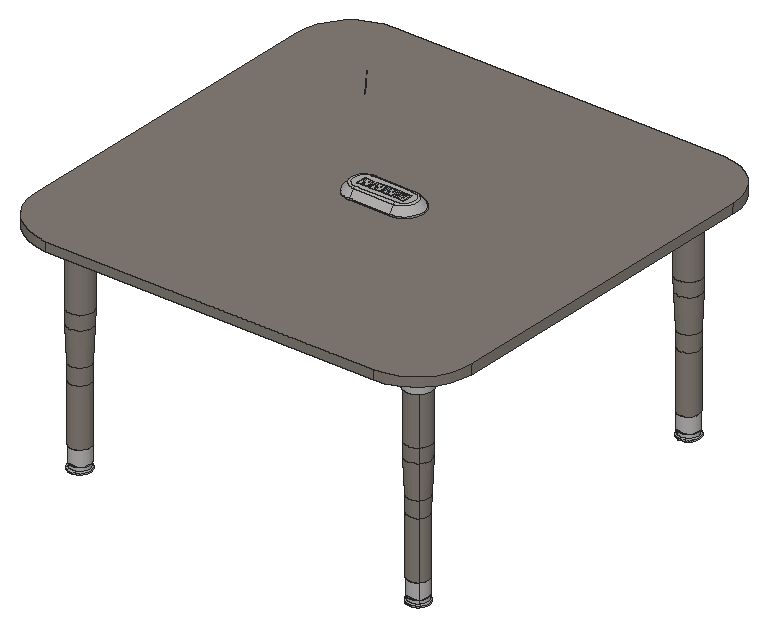
Revit family "Table-Teknion-Zones_ZNTWB-R2015", category Furniture, Revit 2015
Parameters (values of type "Table 48", with Power Pill")
  Width = 48"
  Warranty = "http://www.teknion.com/ca/papers/legal-canada"
  Voltage = if(and(not(With Center Light), not(With Power Pill)), 0 V, 120 V)  # 120 V
  URL = "http://www.teknion.com"
  Table Top Finish [instance] = Veneer - Teknion - BR - Greystone Beech
  Table Leg Wood Finish [instance] = Veneer - Teknion - BR - Greystone Beech
  Table Lamp Finish [instance] = Seamless Paint - Teknion - 25 - Crisp Grey
  Table Frame Finish [instance] = Seamless Paint - Teknion - 25 - Crisp Grey
  Sustainability Data = "http://www.teknion.com/ca/tools/assets#&asset=444deb64-fe58-4b68-981e-f75e97781df7,b4ff2d81-9f2e-437d-9659-7cffb09c31cf"
  Series = "Zones"
  Product Page URL = "http://www.teknion.com/products/product-details?productLineId=b28c7a6e-8e7a-673b-a6c8-ff64004460c4"
  Product Line = "Zones"
  Product Documentation Link = "http://www.teknion.com/pricing/Zones/pdfs/ZNTWB_ppg.pdf"
  Power Pill Two Power Two USB Modules = no
  Power Pill Finish [instance] = Seamless Paint - Teknion - 25 - Crisp Grey
  Manufacturer Contact Information = "http://www.teknion.com/ca/contactus"
  Leg Width = 37 3/32"
  Leg Depth = 37 3/32"
  With Center Light = no
  Part Number = "ZNTWB"
  Model = "ZNTWB48P"
  Manufacturer Phone = "416-661-3370"
  Manufacturer Fax = "416.661.4586"
  Manufacturer Address = "1150 Flint Road, Toronto, ON. M3J 2J5. Canada"
  Manufacturer = "Teknion"
  With Power Pill = yes
  Height = 25"
  Description = "Square Dialogue Workshop Table, 48\"d, With Center Pill Cut-Out"
  Depth = 48"
  Connector Description = if(and(not(With Center Light), not(With Power Pill)), "Without Power Connector", "Power Connector")  # "Power Connector"
  Cable Manager Visibility [instance] = and(or(With Power Pill, or(With Center Light)), or(Cable Manager))  # no
  Cable Manager [instance] = no
  Assembly Code = "E2020200"
  Apparent Load = if(With Center Light, 21 VA, 0 VA)  # 0 VA
Reference planes (in)
  plane 1 "Center (Front/Back)": y = 0
  plane 2 "Bottom": z = 0
  plane 3 "Center (Left/Right)": x = 0
  plane 4 "Lef": x = -18.54687
  plane 5 "Ri": x = 18.54688
  plane 6 "Ba": y = 18.54687
  plane 7 "Fro": y = -18.54688
  plane 8 "Top": z = 25
  plane 9 "Frame": z = 24
  plane 10 "Back": y = 24
  plane 11 "Front": y = -24
  plane 12 "Left": x = -24
  plane 13 "Right": x = 24
  plane 14 "Lamp": y = 45
Forms (in)
  Sweep 1, solid, material "Veneer - Teknion - BR - Greystone Beech" <- "Table Top Finish"
    path origin (0, 0, -4) x (1, 0, 0) y (0, 0, 1)
      loop
        line (0, 28) -> (0, 29)
    profile origin (0, 0, 24.5) x (-1, 0, 0) y (0, -1, 0)
      loop
        line (-18, -24) -> (18, -24)
        arc (18, -24) -> (22.24264, -22.24264) -> (24, -18) r 6
        line (24, -18) -> (24, 18)
        arc (24, 18) -> (22.24264, 22.24264) -> (18, 24) r 6
        line (18, 24) -> (-18, 24)
        arc (-18, 24) -> (-22.24264, 22.24264) -> (-24, 18) r 6
        line (-24, 18) -> (-24, -18)
        arc (-24, -18) -> (-22.24264, -22.24264) -> (-18, -24) r 6
Lines and regions (in)
  Masking region 1
    outline origin (0, 0, 25) x (-1, 0, 0) y (0, -1, 0)
      loop
        line (24, -18) -> (24, 18)
        arc (24, 18) -> (22.24264, 22.24264) -> (18, 24) r 6
        line (18, 24) -> (-18, 24)
        arc (-18, 24) -> (-22.24264, 22.24264) -> (-24, 18) r 6
        line (-24, 18) -> (-24, -18)
        arc (-24, -18) -> (-22.24264, -22.24264) -> (-18, -24) r 6
        line (-18, -24) -> (18, -24)
        arc (18, -24) -> (22.24264, -22.24264) -> (24, -18) r 6
Dimensions and locks (in)
  "Height": plane 8 "Top" to plane 2 "Bottom"
  "Width": plane 12 "Left" to plane 13 "Right"
  "Depth": plane 10 "Back" to plane 11 "Front"
  equal spacing: plane 12 "Left", plane 3 "Center (Left/Right)", plane 13 "Right"
  equal spacing: plane 10 "Back", plane 1 "Center (Front/Back)", plane 11 "Front"
  Sweep 1 to plane 2 "Bottom" = 24"
  locked: plane 14 "Lamp" to plane 1 "Center (Front/Back)" at 45
  equal spacing: plane 4 "Lef", plane 3 "Center (Left/Right)", plane 5 "Ri"
  equal spacing: plane 6 "Ba", plane 1 "Center (Front/Back)", plane 7 "Fro"
  "Leg Width": plane 4 "Lef" to plane 5 "Ri"
  "Leg Depth": plane 6 "Ba" to plane 7 "Fro"
  radius of Sweep 1 sketch curve = 6"  (x4)
  aligned and locked: level to plane 2 "Bottom"
  aligned and locked: plane 3 "Center (Left/Right)" to Sweep 1 sketch curve
  aligned and locked: plane 8 "Top" to Sweep 1 sketch curve
  aligned and locked: plane 9 "Frame" to Sweep 1 sketch curve
  aligned and locked: plane 10 "Back" to Sweep 1 sketch curve
  aligned and locked: plane 13 "Right" to Sweep 1 sketch curve
  aligned and locked: Sweep 1 sketch curve to plane 11 "Front"
  aligned and locked: Sweep 1 sketch curve to plane 12 "Left"
  aligned and locked: plane 8 "Top" to nested 1
  aligned and locked: plane 3 "Center (Left/Right)" to nested 1
  aligned and locked: plane 1 "Center (Front/Back)" to nested 1
  aligned and locked: plane 1 "Center (Front/Back)" to nested 2
  aligned and locked: plane 3 "Center (Left/Right)" to nested 2
  aligned and locked: plane 1 "Center (Front/Back)" to nested 3
  aligned and locked: plane 3 "Center (Left/Right)" to nested 3
  aligned and locked: plane 2 "Bottom" to nested 3
  aligned and locked: plane 3 "Center (Left/Right)" to nested 4
  aligned and locked: plane 1 "Center (Front/Back)" to nested 4
  aligned and locked: plane 9 "Frame" to nested 4
  aligned and locked: plane 9 "Frame" to nested 3
  aligned and locked: Masking region 1 sketch curve to plane 13 "Right"
  aligned and locked: Masking region 1 sketch curve to plane 10 "Back"
  aligned and locked: Masking region 1 sketch curve to plane 11 "Front"
  aligned and locked: Masking region 1 sketch curve to plane 12 "Left"
  aligned and locked: nested 2 to plane 8 "Top"
Automatic sketch dimensions
  Masking region 1 sketch curve to plane 5 "Ri" = 35/64"  (x2)
  plane 4 "Lef" to Masking region 1 sketch curve = 35/64"  (x2)
Nested families (in)
  nested 1: "Lighting_Fixture-Table_Lamp-Teknion-Zones_ZNETL-R2013" at (0, 0, 23.875), visible <- "With Center Light", Table Lamp Finish <- "Table Lamp Finish", type "Table Lamp"
    with Through-Mount no, Table Runner Offset 1 1/8", Table Runner yes, Table Lamp Finish Seamless Paint - Teknion - 25 - Crisp Grey, Item Code "ZNETL1"
  nested 2: "Accessory-Power_Pill-Teknion-Zones_ZNEP_Four_Modules-R2013" at (0, 0, 25), visible <- "With Power Pill", Power Pill Finish <- "Power Pill Finish", LA Modules <- "Power Pill Two Power Two USB Modules", type "4 Modules Power Pill"
    with Power Pill Finish Seamless Paint - Teknion - 25 - Crisp Grey, Outlet Offset 0", LB Modules yes, LA Modules no, Item Code "ZNEPLB120"
  nested 3: "Table-Cable_Manager-Teknion-Zones_ZNEC-R2013" at (0, 0, 0), visible <- "Cable Manager Visibility", type "Cable Manager"
    with Square or Round Workshop yes, Rectangular Workshop no, Item Code "ZNECTS", Height 24"
  nested 4: "Support-Frame-Teknion-Zones_ZNTW-R2015" at (0, 0, 0), Leg Wood Finish <- "Table Leg Wood Finish", Table Frame Finish <- "Table Frame Finish", type "Frame 48""
    with Table Frame Finish Seamless Paint - Teknion - 25 - Crisp Grey
Connectors (in)
  electrical at (0, 0, 0), driven by "Voltage", driven by "Apparent Load", driven by "Connector Description"
    settings: on nested 3, index 1, voltage 120 V, apparent load 0 VA, apparent load phase1 0 VA, apparent load phase2 0 VA, apparent load phase3 0 VA, power factor 1, load classification "Other", number of poles 1, system type 30, power factor state 1, is connector primary yes, connector utility no, sub classification motor no, connector description "Power Connector"
Definition of nested family "Lighting_Fixture-Table_Lamp-Teknion-Zones_ZNETL-R2013"
  Parameters (values of type "Table Lamp")
    Width = 9.63"
    Wattage = 12 W
    Warranty = "http://www.teknion.com/ca/papers/legal-canada"
    built-in parameter 1150110 = 1 (stored number, unit not read)
    URL = "http://www.teknion.com"
    built-in parameter 1114217 = 1 (stored number, unit not read)
    Tilt Angle = 90.00°
    Through-Mount [instance] = not(Table Runner)  # no
    built-in parameter 1150109 = 1 (stored number, unit not read)
    built-in parameter 1150134 = (empty or 0)
    Table Runner Offset [instance] = if(Table Runner, 1 1/8", 0")  # 1 1/8"
    Table Runner [instance] = yes
    Table Lamp Finish [instance] = none
    Sustainability Data = "http://www.teknion.com/ca/tools/assets#&asset=444deb64-fe58-4b68-981e-f75e97781df7,b4ff2d81-9f2e-437d-9659-7cffb09c31cf"
    built-in parameter 1150113 = 1 (stored number, unit not read)
    built-in parameter 1010507 = 1.0472 (stored number, unit not read)
    built-in parameter 1010506 = 0.7854 (stored number, unit not read)
    Series = "Zones"
    Product Page URL = "http://www.teknion.com/products/product-details?productLineId=b28c7a6e-8e7a-673b-a6c8-ff64004460c4"
    Product Line = "Zones"
    Product Documentation Link = "http://www.teknion.com/pricing/Zones/pdfs/ZNETL_ppg.pdf"
    Part Number = "ZNETL"
    Model = "See Item Code"
    Manufacturer Phone = "416-661-3370"
    Manufacturer Fax = "416.661.4586"
    Manufacturer Contact Information = "http://www.teknion.com/ca/contactus"
    Manufacturer Address = "1150 Flint Road, Toronto, ON. M3J 2J5. Canada"
    Manufacturer = "Teknion"  # constant formula
    built-in parameter 1150105 = 1203.7 (stored number, unit not read)
    Lumens = 360 lm
    built-in parameter 1150115 = 1 (stored number, unit not read)
    Light Source Symbol Length = 10"
    built-in parameter 1150137 = (empty or 0)
    built-in parameter 1150139 = (empty or 0)
    built-in parameter 1150112 = 1 (stored number, unit not read)
    built-in parameter 1150114 = 1 (stored number, unit not read)
    Item Code [instance] = if(Table Runner, "ZNETL1", "ZNETL2")  # "ZNETL1"
    built-in parameter 1150132 = (empty or 0)
    built-in parameter 1150102 = (empty or 0)
    built-in parameter 1150107 = 2700 (stored number, unit not read)
    built-in parameter 1150138 = (empty or 0)
    built-in parameter 1150106 = 12.037 (stored number, unit not read)
    Height = 15.334"
    Emit from Circle Diameter = 9"
    Emit Shape Visible in Rendering = no
    built-in parameter 1150104 = 2.7871 (stored number, unit not read)
    Dimming Lamp Color Temperature Shift = (empty or 0)
    Description = "Table Lamp"
    Depth = 9.63"
    Color Filter = 16777215
    built-in parameter 1114218 = 1 (stored number, unit not read)
    built-in parameter 1150133 = 10 (stored number, unit not read)
    Assembly Code = "E2020200"
    Apparent Load = 21 VA
  Reference planes (in)
    plane 1 "Center F/B": y = 0
    plane 2: z = 0
    plane 3 "Center L/R": x = 0
    plane 4 "Left": x = -4.815
    plane 5 "Right": x = 4.815
    plane 6 "Back": y = 4.815
    plane 7 "Front": y = -4.815
    plane 8 "Top": z = 16.459
    plane 9 "Front Legs": z = 1.125
  Forms (in)
    Revolve 1, solid, material <- "Table Lamp Finish"
      sketch origin (0, 0, 0) x (1, 0, 0) y (0, 0, 1)
        loop
          line (4.5, 12.4295) -> (4.5, 12.6898) -> (4.75332, 11.91017) -> (4.81433, 11.93) -> (3.51789, 15.92003)
          arc (3.51789, 15.92003) -> (3.23454, 16.31003) -> (2.77606, 16.459) r 0.78
          line (2.77606, 16.459) -> (0, 16.459) -> (0, 1.125) -> (0.50006, 1.125) -> (0.50006, 1.6251)
          arc (0.50006, 1.6251) -> (0.47302, 1.92993) -> (0.39274, 2.22524) r 1.73169
          arc (0.39274, 2.22524) -> (0.28592, 2.61818) -> (0.24994, 3.02377) r 2.30411
          line (0.24994, 3.02377) -> (0.24994, 12.25) -> (0.19505, 12.25) -> (0.19505, 12.4295) -> (4.5, 12.4295)
        axis (0, 16.459) -> (0, 1.125)
      angle from 0 to 360
  Lines and regions (in)
    Masking region 1
      outline origin (0, 0, 0) x (1, 0, 0) y (0, 1, 0)
        loop
          circle (0, 0) r 4.81433
    symbolic lines
      curve 1: circle (0, 0, 0) r 2.75 normal (0, 0, 1)
    symbolic lines, detail levels fine
      curve 2: circle (0, 0, 0) r 3.52104 normal (0, 0, 1)
      curve 3: circle (0, 0, 0) r 4.5 normal (0, 0, 1)
      curve 4: circle (0, 0, 0) r 4.75332 normal (0, 0, 1)
      curve 5: circle (0, 0, 0) r 0.50006 normal (0, 0, 1)
      curve 6: circle (0, 0, 0) r 0.24994 normal (0, 0, 1)
  Dimensions and locks (in)
    "Height": plane 8 "Top" to plane 9 "Front Legs"
    equal spacing: plane 4 "Left", plane 3 "Center L/R", plane 5 "Right"
    "Width": plane 4 "Left" to plane 5 "Right"
    equal spacing: plane 6 "Back", plane 1 "Center F/B", plane 7 "Front"
    "Depth": plane 6 "Back" to plane 7 "Front"
    "Table Runner Offset": plane 9 "Front Legs" to plane 2
    plane 8 "Top" to Revolve 1 sketch curve to Revolve 1 sketch curve to Revolve 1 sketch curve to Revolve 1 sketch curve to Revolve 1 sketch curve to Revolve 1 sketch curve = 0.78" locked, 2.9892" locked, 0.2603" locked, 0.1795" locked, 0.32" locked, 0.01982" locked
    Revolve 1 sketch curve to Revolve 1 sketch curve to plane 9 "Front Legs" = 1.39868" locked, 0.5001" locked
    Revolve 1 sketch curve to Revolve 1 sketch curve to Revolve 1 sketch curve to Revolve 1 sketch curve to Revolve 1 sketch curve to Revolve 1 sketch curve to Revolve 1 sketch curve to Revolve 1 sketch curve to plane 3 "Center L/R" to Revolve 1 sketch curve = 0.06101" locked, 0.25332" locked, 1.72394" locked, 0.22201" locked, 2.05399" locked, 0.25012" locked, 0.05489" locked, 0.19505" locked, 1.23163" locked
    locked: plane 8 "Top" to imposter light at 4.0295
    radius of Masking region 1 sketch curve = 4.81433"
    radius of curve 1 = 2 3/4"
    radius of curve 2 = 3.52104"
    radius of curve 4 = 4.75332"
    radius of curve 3 = 4 1/2"
    radius of curve 5 = 0.50006"
    radius of curve 6 = 0.24994"
    aligned and locked: level to plane 2
    aligned and locked: plane 9 "Front Legs" to Revolve 1 sketch curve
    aligned and locked: Revolve 1 sketch curve to plane 8 "Top"
    aligned and locked: plane 3 "Center L/R" to Revolve 1 sketch curve
    aligned and locked: Revolve 1 sketch curve to plane 3 "Center L/R"
    aligned and locked: plane 3 "Center L/R" to Masking region 1 sketch curve
    aligned and locked: plane 1 "Center F/B" to Masking region 1 sketch curve
    aligned and locked: plane 3 "Center L/R" to curve 1
    aligned and locked: plane 1 "Center F/B" to curve 1
    aligned and locked: plane 3 "Center L/R" to curve 2
    aligned and locked: plane 1 "Center F/B" to curve 2
    aligned and locked: plane 1 "Center F/B" to curve 4
    aligned and locked: plane 3 "Center L/R" to curve 4
    aligned and locked: plane 1 "Center F/B" to curve 3
    aligned and locked: plane 3 "Center L/R" to curve 3
    aligned and locked: plane 1 "Center F/B" to curve 6
    aligned and locked: plane 3 "Center L/R" to curve 6
    aligned and locked: plane 1 "Center F/B" to curve 5
    aligned and locked: plane 3 "Center L/R" to curve 5
  Automatic sketch dimensions
    Revolve 1 sketch curve to plane 8 "Top" = 0.53897"
    Revolve 1 sketch curve to level = 16.65636"
    Revolve 1 sketch curve to Revolve 1 sketch curve = 33.72995"
Definition of nested family "Accessory-Power_Pill-Teknion-Zones_ZNEP_Four_Modules-R2013"
  Parameters (values of type "4 Modules Power Pill")
    Width = 8.53"
    Warranty = "http://www.teknion.com/ca/papers/legal-canada"
    URL = "http://www.teknion.com"
    Sustainability Data = "http://www.teknion.com/ca/tools/assets#&asset=444deb64-fe58-4b68-981e-f75e97781df7,b4ff2d81-9f2e-437d-9659-7cffb09c31cf"
    Series = "Zones"
    Product Page URL = "http://www.teknion.com/products/product-details?productLineId=b28c7a6e-8e7a-673b-a6c8-ff64004460c4"
    Product Line = "Zones"
    Product Documentation Link = "http://www.teknion.com/pricing/Zones/pdfs/ZNEP_ppg.pdf"
    Power Pill Finish [instance] = none
    Part Number = "ZNEP"
    Outlet Offset [instance] = if(LA Modules, 1.076", 0")  # 1.076"
    Model = "See Item Code"
    Manufacturer Phone = "416-661-3370"
    Manufacturer Fax = "416.661.4586"
    Manufacturer Contact Information = "http://www.teknion.com/ca/contactus"
    Manufacturer Address = "1150 Flint Road, Toronto, ON. M3J 2J5. Canada"
    Manufacturer = "Teknion"  # constant formula
    LB Modules [instance] = not(LA Modules)  # no
    LA Modules [instance] = yes
    Item Code [instance] = if(LA Modules, "ZNEPLA120", "ZNEPLB120")  # "ZNEPLA120"
    Height = 2.302"
    Description = "Power Pill, Four Modules, 120in Length Of Cord"
    Depth = 4.13"
    Cap Height = 0.92703"
    Auxiliary Width = Width - Depth  # 4.4"
    Assembly Code = "E2020200"
  Reference planes (in)
    plane 1 "Center F/B": y = 0
    plane 2: z = 0
    plane 3 "Center L/R": x = 0
    plane 4 "Left": x = -4.265
    plane 5 "Right": x = 4.265
    plane 6 "Back": y = 2.065
    plane 7 "Front": y = -2.065
    plane 8 "Top": z = 0.92703
    plane 9 "Bottom": z = -1.37497
    plane 10: x = -2.2
    plane 11: x = 2.2
    plane 12: y = 1.076
  Forms (in)
    Sweep 1, solid, material <- "Power Pill Finish"
      path origin (0, 0, 0) x (1, 0, 0) y (0, 0, 1)
        loop
          line (0, 0.92703) -> (0, 0)
      profile origin (0, 0, 0.46351) x (0, -1, 0) y (1, 0, 0)
        loop
          arc (-1.18092, -2.2) -> (0, -3.38092) -> (1.18092, -2.2) r 1.18092
          line (1.18092, -2.2) -> (1.18092, 2.2)
          arc (1.18092, 2.2) -> (0, 3.38092) -> (-1.18092, 2.2) r 1.18092
          line (-1.18092, 2.2) -> (-1.18092, -2.2)
    Sweep 2, solid, material <- "Power Pill Finish"
      path origin (0, 0, 0) x (1, 0, 0) y (0, 1, 0)
        loop
          line (2.2, 1.18092) -> (-2.2, 1.18092)
          arc (-2.2, 1.18092) -> (-3.38092, 0) -> (-2.2, -1.18092) r 1.18092
          line (-2.2, -1.18092) -> (2.2, -1.18092)
          arc (2.2, -1.18092) -> (3.38092, 0) -> (2.2, 1.18092) r 1.18092
      profile origin (0, 1.18092, 0) x (0, -1, 0) y (0, 0, 1)
        loop
          arc (-0.86961, 0.06433) -> (-0.8751, 0.02261) -> (-0.83962, 0) r 0.03916
          line (-0.83962, 0) -> (0, 0) -> (0, 0.92703)
          arc (0, 0.92703) -> (-0.13207, 0.89775) -> (-0.23939, 0.8154) r 0.3125
          line (-0.23939, 0.8154) -> (-0.86961, 0.06433)
    Sweep 3, void
      path origin (0, 0, 0) x (1, 0, 0) y (0, 0, 1)
        loop
          line (0, 0.92703) -> (0, 0.73803)
      profile origin (0, 0, 0.83253) x (0, -1, 0) y (1, 0, 0)
        loop
          arc (-0.55849, -2.55849) -> (-0.55117, -2.57617) -> (-0.53349, -2.58349) r 0.025
          line (-0.53349, -2.58349) -> (0.53349, -2.58349)
          arc (0.53349, -2.58349) -> (0.55117, -2.57617) -> (0.55849, -2.55849) r 0.025
          line (0.55849, -2.55849) -> (0.55849, -1.49151)
          arc (0.55849, -1.49151) -> (0.55117, -1.47383) -> (0.53349, -1.46651) r 0.025
          line (0.53349, -1.46651) -> (-0.53349, -1.46651)
          arc (-0.53349, -1.46651) -> (-0.55117, -1.47383) -> (-0.55849, -1.49151) r 0.025
          line (-0.55849, -1.49151) -> (-0.55849, -2.55849)
        loop
          arc (-0.55849, -1.20849) -> (-0.55117, -1.22617) -> (-0.53349, -1.23349) r 0.025
          line (-0.53349, -1.23349) -> (0.53349, -1.23349)
          arc (0.53349, -1.23349) -> (0.55117, -1.22617) -> (0.55849, -1.20849) r 0.025
          line (0.55849, -1.20849) -> (0.55849, -0.14151)
          arc (0.55849, -0.14151) -> (0.55117, -0.12383) -> (0.53349, -0.11651) r 0.025
          line (0.53349, -0.11651) -> (-0.53349, -0.11651)
          arc (-0.53349, -0.11651) -> (-0.55117, -0.12383) -> (-0.55849, -0.14151) r 0.025
          line (-0.55849, -0.14151) -> (-0.55849, -1.20849)
        loop
          arc (-0.55849, 0.14151) -> (-0.55117, 0.12383) -> (-0.53349, 0.11651) r 0.025
          line (-0.53349, 0.11651) -> (0.53349, 0.11651)
          arc (0.53349, 0.11651) -> (0.55117, 0.12383) -> (0.55849, 0.14151) r 0.025
          line (0.55849, 0.14151) -> (0.55849, 1.20849)
          arc (0.55849, 1.20849) -> (0.55117, 1.22617) -> (0.53349, 1.23349) r 0.025
          line (0.53349, 1.23349) -> (-0.53349, 1.23349)
          arc (-0.53349, 1.23349) -> (-0.55117, 1.22617) -> (-0.55849, 1.20849) r 0.025
          line (-0.55849, 1.20849) -> (-0.55849, 0.14151)
        loop
          arc (-0.55849, 1.49151) -> (-0.55117, 1.47383) -> (-0.53349, 1.46651) r 0.025
          line (-0.53349, 1.46651) -> (0.53349, 1.46651)
          arc (0.53349, 1.46651) -> (0.55117, 1.47383) -> (0.55849, 1.49151) r 0.025
          line (0.55849, 1.49151) -> (0.55849, 2.55849)
          arc (0.55849, 2.55849) -> (0.55117, 2.57617) -> (0.53349, 2.58349) r 0.025
          line (0.53349, 2.58349) -> (-0.53349, 2.58349)
          arc (-0.53349, 2.58349) -> (-0.55117, 2.57617) -> (-0.55849, 2.55849) r 0.025
          line (-0.55849, 2.55849) -> (-0.55849, 1.49151)
    Blend 4, solid, material <- "Power Pill Finish"
      base sketch origin (0, 0, 0) x (1, 0, 0) y (0, 1, 0)
        loop
          arc (-2.57873, 1.39373) -> (-2.79086, 1.30586) -> (-2.87873, 1.09373) r 0.3
          line (-2.87873, 1.09373) -> (-2.87873, -1.09373)
          arc (-2.87873, -1.09373) -> (-2.79086, -1.30586) -> (-2.57873, -1.39373) r 0.3
          line (-2.57873, -1.39373) -> (2.57873, -1.39373)
          arc (2.57873, -1.39373) -> (2.79086, -1.30586) -> (2.87873, -1.09373) r 0.3
          line (2.87873, -1.09373) -> (2.87873, 1.09373)
          arc (2.87873, 1.09373) -> (2.79086, 1.30586) -> (2.57873, 1.39373) r 0.3
          line (2.57873, 1.39373) -> (-2.57873, 1.39373)
      top sketch origin (0, 0, 0) x (1, 0, 0) y (0, 1, 0)
        loop
          arc (2.94673, 1.09373) -> (2.83895, 1.35395) -> (2.57873, 1.46173) r 0.368
          line (2.57873, 1.46173) -> (-2.57873, 1.46173)
          arc (-2.57873, 1.46173) -> (-2.83895, 1.35395) -> (-2.94673, 1.09373) r 0.368
          line (-2.94673, 1.09373) -> (-2.94673, -1.09373)
          arc (-2.94673, -1.09373) -> (-2.83895, -1.35395) -> (-2.57873, -1.46173) r 0.368
          line (-2.57873, -1.46173) -> (2.57873, -1.46173)
          arc (2.57873, -1.46173) -> (2.83895, -1.35395) -> (2.94673, -1.09373) r 0.368
          line (2.94673, -1.09373) -> (2.94673, 1.09373)
      from -1.37497 to 0.61534
    Sweep 5, void
      path origin (0, 0, 0) x (0, 1, 0) y (0, 0, 1)
        loop
          line (0, -1.12497) -> (0, -1.37497)
      profile origin (0, 0, -1.24997) x (1, 0, 0) y (0, 1, 0)
        loop
          arc (-0.33, -0.17812) -> (0, -0.375) -> (0.33, -0.17812) r 0.375
          line (0.33, -0.17812) -> (0.33, 0.17812)
          arc (0.33, 0.17812) -> (0, 0.375) -> (-0.33, 0.17812) r 0.375
          line (-0.33, 0.17812) -> (-0.33, -0.17812)
    Sweep 6, solid, material <- "Power Pill Finish"
      path origin (0, 0, 0) x (1, 0, 0) y (0, 0, 1)
        loop
          line (0, 0.92703) -> (0, 0.73803)
      profile origin (0, 0, 0.83253) x (0, -1, 0) y (1, 0, 0)
        loop
          line (-0.525, -1.5398) -> (-0.525, -2.5102)
          arc (-0.525, -2.5102) -> (-0.51328, -2.53848) -> (-0.485, -2.5502) r 0.04
          line (-0.485, -2.5502) -> (0.485, -2.5502)
          arc (0.485, -2.5502) -> (0.51328, -2.53848) -> (0.525, -2.5102) r 0.04
          line (0.525, -2.5102) -> (0.525, -1.5398)
          arc (0.525, -1.5398) -> (0.51328, -1.51152) -> (0.485, -1.4998) r 0.04
          line (0.485, -1.4998) -> (-0.485, -1.4998)
          arc (-0.485, -1.4998) -> (-0.51328, -1.51152) -> (-0.525, -1.5398) r 0.04
        loop
          line (-0.525, -0.18153) -> (-0.525, -1.16846)
          arc (-0.525, -1.16846) -> (-0.51328, -1.19675) -> (-0.485, -1.20846) r 0.04
          line (-0.485, -1.20846) -> (0.485, -1.20846)
          arc (0.485, -1.20846) -> (0.51328, -1.19675) -> (0.525, -1.16846) r 0.04
          line (0.525, -1.16846) -> (0.525, -0.18153)
          arc (0.525, -0.18153) -> (0.51328, -0.15325) -> (0.485, -0.14153) r 0.04
          line (0.485, -0.14153) -> (-0.485, -0.14153)
          arc (-0.485, -0.14153) -> (-0.51328, -0.15325) -> (-0.525, -0.18153) r 0.04
        loop
          line (0.525, 0.18154) -> (0.525, 1.16847)
          arc (0.525, 1.16847) -> (0.51328, 1.19675) -> (0.485, 1.20847) r 0.04
          line (0.485, 1.20847) -> (-0.485, 1.20847)
          arc (-0.485, 1.20847) -> (-0.51328, 1.19675) -> (-0.525, 1.16847) r 0.04
          line (-0.525, 1.16847) -> (-0.525, 0.18154)
          arc (-0.525, 0.18154) -> (-0.51328, 0.15325) -> (-0.485, 0.14154) r 0.04
          line (-0.485, 0.14154) -> (0.485, 0.14154)
          arc (0.485, 0.14154) -> (0.51328, 0.15325) -> (0.525, 0.18154) r 0.04
        loop
          line (-0.525, 2.5102) -> (-0.525, 1.5398)
          arc (-0.525, 1.5398) -> (-0.51328, 1.51152) -> (-0.485, 1.4998) r 0.04
          line (-0.485, 1.4998) -> (0.485, 1.4998)
          arc (0.485, 1.4998) -> (0.51328, 1.51152) -> (0.525, 1.5398) r 0.04
          line (0.525, 1.5398) -> (0.525, 2.5102)
          arc (0.525, 2.5102) -> (0.51328, 2.53848) -> (0.485, 2.5502) r 0.04
          line (0.485, 2.5502) -> (-0.485, 2.5502)
          arc (-0.485, 2.5502) -> (-0.51328, 2.53848) -> (-0.525, 2.5102) r 0.04
    Sweep 7, void
      path origin (0, 0, 0) x (1, 0, 0) y (0, 0, 1)
        loop
          line (0, 0.92703) -> (0, 0)
      profile origin (0, 0, 0.46351) x (0, -1, 0) y (1, 0, 0)
        loop
          line (-1.47143, -0.95886) -> (-1.12261, -0.95886) -> (-1.12261, -0.88681) -> (-1.47143, -0.88681) -> (-1.47143, -0.95886)
        loop
          line (-1.43206, -0.40768) -> (-1.43206, -0.47972) -> (-1.16198, -0.47972) -> (-1.16198, -0.40768) -> (-1.43206, -0.40768)
        loop
          line (-0.72261, -0.78681) -> (-0.72261, -0.57972) -> (-0.82615, -0.57972)
          arc (-0.82615, -0.57972) -> (-0.92969, -0.68327) -> (-0.82615, -0.78681) r 0.10354
          line (-0.82615, -0.78681) -> (-0.72261, -0.78681)
        loop
          line (-1.47143, 0.39114) -> (-1.12261, 0.39114) -> (-1.12261, 0.46319) -> (-1.47143, 0.46319) -> (-1.47143, 0.39114)
        loop
          line (-1.43206, 0.94232) -> (-1.43206, 0.87028) -> (-1.16198, 0.87028) -> (-1.16198, 0.94232) -> (-1.43206, 0.94232)
        loop
          line (-0.72261, 0.56319) -> (-0.72261, 0.77028) -> (-0.82615, 0.77028)
          arc (-0.82615, 0.77028) -> (-0.92969, 0.66673) -> (-0.82615, 0.56319) r 0.10354
          line (-0.82615, 0.56319) -> (-0.72261, 0.56319)
        loop
          line (-0.81346, 1.95906) -> (-1.33117, 1.95906) -> (-1.33117, 1.73662) -> (-0.81346, 1.73662) -> (-0.81346, 1.95906)
        loop
          line (-1.33117, 2.31339) -> (-1.33117, 2.09095) -> (-0.81346, 2.09095) -> (-0.81346, 2.31339) -> (-1.33117, 2.31339)
        loop
          line (-0.39543, -2.22991) -> (-0.39543, -2.30196) -> (-0.04661, -2.30196) -> (-0.04661, -2.22991) -> (-0.39543, -2.22991)
        loop
          line (-0.35606, -1.82282) -> (-0.08598, -1.82282) -> (-0.08598, -1.75078) -> (-0.35606, -1.75078) -> (-0.35606, -1.82282)
        loop
          line (0.35339, -2.12991) -> (0.35339, -1.92282) -> (0.24985, -1.92282)
          arc (0.24985, -1.92282) -> (0.14631, -2.02637) -> (0.24985, -2.12991) r 0.10354
          line (0.24985, -2.12991) -> (0.35339, -2.12991)
        loop
          line (-0.25517, -0.74231) -> (-0.25517, -0.96475) -> (0.26254, -0.96475) -> (0.26254, -0.74231) -> (-0.25517, -0.74231)
        loop
          line (-0.25517, -0.38798) -> (-0.25517, -0.61042) -> (0.26254, -0.61042) -> (0.26254, -0.38798) -> (-0.25517, -0.38798)
        loop
          line (0.26254, 0.60769) -> (-0.25517, 0.60769) -> (-0.25517, 0.38525) -> (0.26254, 0.38525) -> (0.26254, 0.60769)
        loop
          line (0.26254, 0.73958) -> (0.26254, 0.96202) -> (-0.25517, 0.96202) -> (-0.25517, 0.73958) -> (0.26254, 0.73958)
        loop
          line (-0.39543, 1.81182) -> (-0.39543, 1.73978) -> (-0.04661, 1.73978) -> (-0.04661, 1.81182) -> (-0.39543, 1.81182)
        loop
          line (-0.35606, 2.29096) -> (-0.35606, 2.21891) -> (-0.08598, 2.21891) -> (-0.08598, 2.29096) -> (-0.35606, 2.29096)
        loop
          line (0.35339, 1.91182) -> (0.35339, 2.11891) -> (0.24985, 2.11891)
          arc (0.24985, 2.11891) -> (0.14631, 2.01537) -> (0.24985, 1.91182) r 0.10354
          line (0.24985, 1.91182) -> (0.35339, 1.91182)
  Cuts and joins
    Sweep 3 cuts Sweep 1
    Sweep 3 cuts Sweep 2
    Sweep 5 cuts Blend 4
    joined: Sweep 1, Sweep 2, Blend 4
    Sweep 7 cuts Sweep 6
  Lines and regions (in)
    Masking region 1
      outline origin (0, 0, 0.92703) x (-1, 0, 0) y (0, -1, 0)
        loop
          arc (2.2, -2.065) -> (4.265, 0) -> (2.2, 2.065) r 2.065
          line (2.2, 2.065) -> (-2.2, 2.065)
          arc (-2.2, 2.065) -> (-4.265, 0) -> (-2.2, -2.065) r 2.065
          line (-2.2, -2.065) -> (2.2, -2.065)
    symbolic lines
      curve 1: line (-1.49151, 0.55849, 0.92703) -> (-2.55849, 0.55849, 0.92703)
      curve 2: arc (-2.55849, 0.55849, 0.92703) -> (-2.57617, 0.55117, 0.92703) -> (-2.58349, 0.53349, 0.92703) r 0.025
      curve 3: line (-2.58349, 0.53349, 0.92703) -> (-2.58349, -0.53349, 0.92703)
      curve 4: arc (-2.58349, -0.53349, 0.92703) -> (-2.57617, -0.55117, 0.92703) -> (-2.55849, -0.55849, 0.92703) r 0.025
      curve 5: line (-2.55849, -0.55849, 0.92703) -> (-1.49151, -0.55849, 0.92703)
      curve 6: arc (-1.49151, -0.55849, 0.92703) -> (-1.47383, -0.55117, 0.92703) -> (-1.46651, -0.53349, 0.92703) r 0.025
      curve 7: line (-1.46651, -0.53349, 0.92703) -> (-1.46651, 0.53349, 0.92703)
      curve 8: arc (-1.46651, 0.53349, 0.92703) -> (-1.47383, 0.55117, 0.92703) -> (-1.49151, 0.55849, 0.92703) r 0.025
      curve 9: line (-0.14151, 0.55849, 0.92703) -> (-1.20849, 0.55849, 0.92703)
      curve 10: arc (-1.20849, 0.55849, 0.92703) -> (-1.22617, 0.55117, 0.92703) -> (-1.23349, 0.53349, 0.92703) r 0.025
      curve 11: line (-1.23349, 0.53349, 0.92703) -> (-1.23349, -0.53349, 0.92703)
      curve 12: arc (-1.23349, -0.53349, 0.92703) -> (-1.22617, -0.55117, 0.92703) -> (-1.20849, -0.55849, 0.92703) r 0.025
      curve 13: line (-1.20849, -0.55849, 0.92703) -> (-0.14151, -0.55849, 0.92703)
      curve 14: arc (-0.14151, -0.55849, 0.92703) -> (-0.12383, -0.55117, 0.92703) -> (-0.11651, -0.53349, 0.92703) r 0.025
      curve 15: line (-0.11651, -0.53349, 0.92703) -> (-0.11651, 0.53349, 0.92703)
      curve 16: arc (-0.11651, 0.53349, 0.92703) -> (-0.12383, 0.55117, 0.92703) -> (-0.14151, 0.55849, 0.92703) r 0.025
      curve 17: line (1.20849, 0.55849, 0.92703) -> (0.14151, 0.55849, 0.92703)
      curve 18: arc (0.14151, 0.55849, 0.92703) -> (0.12383, 0.55117, 0.92703) -> (0.11651, 0.53349, 0.92703) r 0.025
      curve 19: line (0.11651, 0.53349, 0.92703) -> (0.11651, -0.53349, 0.92703)
      curve 20: arc (0.11651, -0.53349, 0.92703) -> (0.12383, -0.55117, 0.92703) -> (0.14151, -0.55849, 0.92703) r 0.025
      curve 21: line (0.14151, -0.55849, 0.92703) -> (1.20849, -0.55849, 0.92703)
      curve 22: arc (1.20849, -0.55849, 0.92703) -> (1.22617, -0.55117, 0.92703) -> (1.23349, -0.53349, 0.92703) r 0.025
      curve 23: line (1.23349, -0.53349, 0.92703) -> (1.23349, 0.53349, 0.92703)
      curve 24: arc (1.23349, 0.53349, 0.92703) -> (1.22617, 0.55117, 0.92703) -> (1.20849, 0.55849, 0.92703) r 0.025
      curve 25: line (2.55849, 0.55849, 0.92703) -> (1.49151, 0.55849, 0.92703)
      curve 26: arc (1.49151, 0.55849, 0.92703) -> (1.47383, 0.55117, 0.92703) -> (1.46651, 0.53349, 0.92703) r 0.025
      curve 27: line (1.46651, 0.53349, 0.92703) -> (1.46651, -0.53349, 0.92703)
      curve 28: arc (1.46651, -0.53349, 0.92703) -> (1.47383, -0.55117, 0.92703) -> (1.49151, -0.55849, 0.92703) r 0.025
      curve 29: line (1.49151, -0.55849, 0.92703) -> (2.55849, -0.55849, 0.92703)
      curve 30: arc (2.55849, -0.55849, 0.92703) -> (2.57617, -0.55117, 0.92703) -> (2.58349, -0.53349, 0.92703) r 0.025
      curve 31: line (2.58349, -0.53349, 0.92703) -> (2.58349, 0.53349, 0.92703)
      curve 32: arc (2.58349, 0.53349, 0.92703) -> (2.57617, 0.55117, 0.92703) -> (2.55849, 0.55849, 0.92703) r 0.025
    symbolic lines, detail levels medium+fine
      curve 33: arc (-2.2, 1.181, 0.92703) -> (-3.381, 0, 0.92703) -> (-2.2, -1.181, 0.92703) r 1.181
      curve 34: line (-2.2, 1.181, 0.92703) -> (2.2, 1.181, 0.92703)
      curve 35: line (-2.2, -1.181, 0.92703) -> (2.2, -1.181, 0.92703)
      curve 36: arc (2.2, 1.181, 0.92703) -> (3.381, 0, 0.92703) -> (2.2, -1.181, 0.92703) r 1.181
    symbolic lines, detail levels fine
      curve 37: line (-2.22991, 0.39543, 0.92703) -> (-2.30196, 0.39543, 0.92703)
      curve 38: line (-2.30196, 0.39543, 0.92703) -> (-2.30196, 0.04661, 0.92703)
      curve 39: line (-2.22991, 0.04661, 0.92703) -> (-2.22991, 0.39543, 0.92703)
      curve 40: line (-2.30196, 0.04661, 0.92703) -> (-2.22991, 0.04661, 0.92703)
      curve 41: line (-2.12991, -0.35339, 0.92703) -> (-1.92282, -0.35339, 0.92703)
      curve 42: line (-2.12991, -0.24985, 0.92703) -> (-2.12991, -0.35339, 0.92703)
      curve 43: line (-1.92282, -0.35339, 0.92703) -> (-1.92282, -0.24985, 0.92703)
      curve 44: arc (-1.92282, -0.24985, 0.92703) -> (-2.02637, -0.14631, 0.92703) -> (-2.12991, -0.24985, 0.92703) r 0.10354
      curve 45: line (-1.82282, 0.08598, 0.92703) -> (-1.75078, 0.08598, 0.92703)
      curve 46: line (-1.82282, 0.35606, 0.92703) -> (-1.82282, 0.08598, 0.92703)
      curve 47: line (-1.75078, 0.35606, 0.92703) -> (-1.82282, 0.35606, 0.92703)
      curve 48: line (-1.75078, 0.08598, 0.92703) -> (-1.75078, 0.35606, 0.92703)
      curve 109: line (-1.5398, 0.525, 0.92703) -> (-2.5102, 0.525, 0.92703)
      curve 110: arc (-1.4998, 0.485, 0.92703) -> (-1.51152, 0.51328, 0.92703) -> (-1.5398, 0.525, 0.92703) r 0.04
      curve 111: line (-1.4998, -0.485, 0.92703) -> (-1.4998, 0.485, 0.92703)
      curve 112: arc (-1.5398, -0.525, 0.92703) -> (-1.51152, -0.51328, 0.92703) -> (-1.4998, -0.485, 0.92703) r 0.04
      curve 113: line (-2.5102, -0.525, 0.92703) -> (-1.5398, -0.525, 0.92703)
      curve 114: arc (-2.5502, -0.485, 0.92703) -> (-2.53848, -0.51328, 0.92703) -> (-2.5102, -0.525, 0.92703) r 0.04
      curve 115: line (-2.5502, 0.485, 0.92703) -> (-2.5502, -0.485, 0.92703)
      curve 116: arc (-2.5102, 0.525, 0.92703) -> (-2.53848, 0.51328, 0.92703) -> (-2.5502, 0.485, 0.92703) r 0.04
      curve 117: arc (-1.16846, 0.525, 0.92703) -> (-1.19675, 0.51328, 0.92703) -> (-1.20846, 0.485, 0.92703) r 0.04
      curve 118: line (-0.18153, 0.525, 0.92703) -> (-1.16846, 0.525, 0.92703)
      curve 119: line (-1.20846, 0.485, 0.92703) -> (-1.20846, -0.485, 0.92703)
      curve 120: arc (-0.14153, 0.485, 0.92703) -> (-0.15325, 0.51328, 0.92703) -> (-0.18153, 0.525, 0.92703) r 0.04
      curve 121: arc (-1.20846, -0.485, 0.92703) -> (-1.19675, -0.51328, 0.92703) -> (-1.16846, -0.525, 0.92703) r 0.04
      curve 122: line (-1.16846, -0.525, 0.92703) -> (-0.18153, -0.525, 0.92703)
      curve 123: arc (-0.18153, -0.525, 0.92703) -> (-0.15325, -0.51328, 0.92703) -> (-0.14153, -0.485, 0.92703) r 0.04
      curve 124: line (-0.14153, -0.485, 0.92703) -> (-0.14153, 0.485, 0.92703)
      curve 125: arc (0.18154, 0.525, 0.92703) -> (0.15325, 0.51328, 0.92703) -> (0.14154, 0.485, 0.92703) r 0.04
      curve 126: line (1.16847, 0.525, 0.92703) -> (0.18154, 0.525, 0.92703)
      curve 127: arc (1.20847, 0.485, 0.92703) -> (1.19675, 0.51328, 0.92703) -> (1.16847, 0.525, 0.92703) r 0.04
      curve 128: line (1.20847, -0.485, 0.92703) -> (1.20847, 0.485, 0.92703)
      curve 129: arc (1.16847, -0.525, 0.92703) -> (1.19675, -0.51328, 0.92703) -> (1.20847, -0.485, 0.92703) r 0.04
      curve 130: line (0.18154, -0.525, 0.92703) -> (1.16847, -0.525, 0.92703)
      curve 131: arc (0.14154, -0.485, 0.92703) -> (0.15325, -0.51328, 0.92703) -> (0.18154, -0.525, 0.92703) r 0.04
      curve 132: line (0.14154, 0.485, 0.92703) -> (0.14154, -0.485, 0.92703)
      curve 133: arc (1.5398, 0.525, 0.92703) -> (1.51152, 0.51328, 0.92703) -> (1.4998, 0.485, 0.92703) r 0.04
      curve 134: line (2.5102, 0.525, 0.92703) -> (1.5398, 0.525, 0.92703)
      curve 135: arc (2.5502, 0.485, 0.92703) -> (2.53848, 0.51328, 0.92703) -> (2.5102, 0.525, 0.92703) r 0.04
      curve 136: line (2.5502, -0.485, 0.92703) -> (2.5502, 0.485, 0.92703)
      curve 137: arc (2.5102, -0.525, 0.92703) -> (2.53848, -0.51328, 0.92703) -> (2.5502, -0.485, 0.92703) r 0.04
      curve 138: line (1.5398, -0.525, 0.92703) -> (2.5102, -0.525, 0.92703)
      curve 139: arc (1.4998, -0.485, 0.92703) -> (1.51152, -0.51328, 0.92703) -> (1.5398, -0.525, 0.92703) r 0.04
      curve 140: line (1.4998, 0.485, 0.92703) -> (1.4998, -0.485, 0.92703)
    symbolic lines, visible <- "LA Modules", detail levels fine
      curve 49: line (-0.96475, -0.26254, 0.92703) -> (-0.74231, -0.26254, 0.92703)
      curve 50: line (-0.96475, 0.25517, 0.92703) -> (-0.96475, -0.26254, 0.92703)
      curve 51: line (-0.74231, 0.25517, 0.92703) -> (-0.96475, 0.25517, 0.92703)
      curve 52: line (-0.74231, -0.26254, 0.92703) -> (-0.74231, 0.25517, 0.92703)
      curve 53: line (-0.61042, 0.25517, 0.92703) -> (-0.61042, -0.26254, 0.92703)
      curve 54: line (-0.38798, 0.25517, 0.92703) -> (-0.61042, 0.25517, 0.92703)
      curve 55: line (-0.38798, -0.26254, 0.92703) -> (-0.38798, 0.25517, 0.92703)
      curve 56: line (-0.61042, -0.26254, 0.92703) -> (-0.38798, -0.26254, 0.92703)
      curve 57: line (0.38525, -0.26254, 0.92703) -> (0.60769, -0.26254, 0.92703)
      curve 58: line (0.38525, 0.25517, 0.92703) -> (0.38525, -0.26254, 0.92703)
      curve 59: line (0.60769, -0.26254, 0.92703) -> (0.60769, 0.25517, 0.92703)
      curve 60: line (0.60769, 0.25517, 0.92703) -> (0.38525, 0.25517, 0.92703)
      curve 61: line (0.73958, 0.25517, 0.92703) -> (0.73958, -0.26254, 0.92703)
      curve 62: line (0.73958, -0.26254, 0.92703) -> (0.96202, -0.26254, 0.92703)
      curve 63: line (0.96202, -0.26254, 0.92703) -> (0.96202, 0.25517, 0.92703)
      curve 64: line (0.96202, 0.25517, 0.92703) -> (0.73958, 0.25517, 0.92703)
      curve 65: line (1.91182, -0.35339, 0.92703) -> (2.11891, -0.35339, 0.92703)
      curve 66: arc (2.11891, -0.24985, 0.92703) -> (2.01537, -0.14631, 0.92703) -> (1.91182, -0.24985, 0.92703) r 0.10354
      curve 67: line (2.11891, -0.35339, 0.92703) -> (2.11891, -0.24985, 0.92703)
      curve 68: line (1.91182, -0.24985, 0.92703) -> (1.91182, -0.35339, 0.92703)
      curve 69: line (1.73978, 0.04661, 0.92703) -> (1.81182, 0.04661, 0.92703)
      curve 70: line (1.81182, 0.04661, 0.92703) -> (1.81182, 0.39543, 0.92703)
      curve 71: line (1.73978, 0.39543, 0.92703) -> (1.73978, 0.04661, 0.92703)
      curve 72: line (1.81182, 0.39543, 0.92703) -> (1.73978, 0.39543, 0.92703)
      curve 73: line (2.21891, 0.08598, 0.92703) -> (2.29096, 0.08598, 0.92703)
      curve 74: line (2.29096, 0.08598, 0.92703) -> (2.29096, 0.35606, 0.92703)
      curve 75: line (2.29096, 0.35606, 0.92703) -> (2.21891, 0.35606, 0.92703)
      curve 76: line (2.21891, 0.35606, 0.92703) -> (2.21891, 0.08598, 0.92703)
    symbolic lines, visible <- "LB Modules", detail levels fine
      curve 77: line (-0.95886, 0.04661, 0.92703) -> (-0.88681, 0.04661, 0.92703)
      curve 78: line (-0.95886, 0.39543, 0.92703) -> (-0.95886, 0.04661, 0.92703)
      curve 79: line (-0.88681, 0.39543, 0.92703) -> (-0.95886, 0.39543, 0.92703)
      curve 80: line (-0.88681, 0.04661, 0.92703) -> (-0.88681, 0.39543, 0.92703)
      curve 81: line (-0.47972, 0.35606, 0.92703) -> (-0.47972, 0.08598, 0.92703)
      curve 82: line (-0.40768, 0.35606, 0.92703) -> (-0.47972, 0.35606, 0.92703)
      curve 83: line (-0.40768, 0.08598, 0.92703) -> (-0.40768, 0.35606, 0.92703)
      curve 84: line (-0.47972, 0.08598, 0.92703) -> (-0.40768, 0.08598, 0.92703)
      curve 85: arc (-0.57972, -0.24985, 0.92703) -> (-0.68327, -0.14631, 0.92703) -> (-0.78681, -0.24985, 0.92703) r 0.10354
      curve 86: line (-0.78681, -0.24985, 0.92703) -> (-0.78681, -0.35339, 0.92703)
      curve 87: line (-0.78681, -0.35339, 0.92703) -> (-0.57972, -0.35339, 0.92703)
      curve 88: line (-0.57972, -0.35339, 0.92703) -> (-0.57972, -0.24985, 0.92703)
      curve 89: line (0.39114, 0.04661, 0.92703) -> (0.46319, 0.04661, 0.92703)
      curve 90: line (0.39114, 0.39543, 0.92703) -> (0.39114, 0.04661, 0.92703)
      curve 91: line (0.46319, 0.39543, 0.92703) -> (0.39114, 0.39543, 0.92703)
      curve 92: line (0.46319, 0.04661, 0.92703) -> (0.46319, 0.39543, 0.92703)
      curve 93: arc (0.77028, -0.24985, 0.92703) -> (0.66673, -0.14631, 0.92703) -> (0.56319, -0.24985, 0.92703) r 0.10354
      curve 94: line (0.56319, -0.24985, 0.92703) -> (0.56319, -0.35339, 0.92703)
      curve 95: line (0.56319, -0.35339, 0.92703) -> (0.77028, -0.35339, 0.92703)
      curve 96: line (0.77028, -0.35339, 0.92703) -> (0.77028, -0.24985, 0.92703)
      curve 97: line (0.87028, 0.08598, 0.92703) -> (0.94232, 0.08598, 0.92703)
      curve 98: line (0.94232, 0.08598, 0.92703) -> (0.94232, 0.35606, 0.92703)
      curve 99: line (0.87028, 0.35606, 0.92703) -> (0.87028, 0.08598, 0.92703)
      curve 100: line (0.94232, 0.35606, 0.92703) -> (0.87028, 0.35606, 0.92703)
      curve 101: line (1.73662, -0.26254, 0.92703) -> (1.95906, -0.26254, 0.92703)
      curve 102: line (1.95906, -0.26254, 0.92703) -> (1.95906, 0.25517, 0.92703)
      curve 103: line (1.95906, 0.25517, 0.92703) -> (1.73662, 0.25517, 0.92703)
      curve 104: line (1.73662, 0.25517, 0.92703) -> (1.73662, -0.26254, 0.92703)
      curve 105: line (2.09095, 0.25517, 0.92703) -> (2.09095, -0.26254, 0.92703)
      curve 106: line (2.31339, 0.25517, 0.92703) -> (2.09095, 0.25517, 0.92703)
      curve 107: line (2.31339, -0.26254, 0.92703) -> (2.31339, 0.25517, 0.92703)
      curve 108: line (2.09095, -0.26254, 0.92703) -> (2.31339, -0.26254, 0.92703)
  Dimensions and locks (in)
    "Cap Height": plane 8 "Top" to plane 2
    equal spacing: plane 4 "Left", plane 3 "Center L/R", plane 5 "Right"
    "Width": plane 4 "Left" to plane 5 "Right"
    equal spacing: plane 6 "Back", plane 1 "Center F/B", plane 7 "Front"
    "Depth": plane 6 "Back" to plane 7 "Front"
    equal spacing: plane 10, plane 3 "Center L/R", plane 11
    "Auxiliary Width": plane 10 to plane 11
    equal spacing: Sweep 1 sketch curve, plane 1 "Center F/B", Sweep 1 sketch curve
    locked: Sweep 1 sketch curve to Sweep 1 sketch curve at 2.36185
    locked: Sweep 2 sketch curve to plane 1 "Center F/B" at 1.18092  (x2)
    locked: Sweep 2 sketch curve to plane 2 at 0.03916
    locked: plane 8 "Top" to Sweep 2 sketch curve at 0.3125
    locked: plane 8 "Top" to Sweep 3 sketch curve at 0.189
    equal spacing: Sweep 3 sketch curve, plane 1 "Center F/B", Sweep 3 sketch curve
    locked: Sweep 3 sketch curve to Sweep 3 sketch curve at 1.11698
    Sweep 3 sketch curve to Sweep 3 sketch curve to Sweep 3 sketch curve to Sweep 3 sketch curve to plane 3 "Center L/R" to Sweep 3 sketch curve to Sweep 3 sketch curve to Sweep 3 sketch curve to Sweep 3 sketch curve = 1.11698" locked, 0.23302" locked, 1.11698" locked, 0.11651" locked, 0.11651" locked, 1.11698" locked, 0.23302" locked, 1.11698" locked
    Blend 4 sketch curve to plane 3 "Center L/R" to Blend 4 sketch curve = 2.57873" locked, 2.57873" locked  (x4)
    Blend 4 sketch curve to plane 1 "Center F/B" to Blend 4 sketch curve = 1 3/32" locked, 1 3/32" locked  (x4)
    Blend 4 sketch curve to plane 1 "Center F/B" to Blend 4 sketch curve = 1.39373" locked, 1.39373" locked
    equal spacing: Blend 4 sketch curve, plane 3 "Center L/R", Blend 4 sketch curve
    Blend 4 sketch curve to plane 1 "Center F/B" to Blend 4 sketch curve = 1.46173" locked, 1.46173" locked
    Blend 4 sketch curve to plane 3 "Center L/R" to Blend 4 sketch curve = 2.94673" locked, 2.94673" locked
    locked: plane 8 "Top" to Blend 4 at 0.31169
    locked: plane 9 "Bottom" to Sweep 5 sketch curve at 0.25
    Sweep 5 sketch curve to plane 3 "Center L/R" to Sweep 5 sketch curve = 0.33" locked, 0.33" locked
    Sweep 5 sketch curve to plane 1 "Center F/B" to Sweep 5 sketch curve = 0.17812" locked, 0.17812" locked  (x2)
    "Height": plane 8 "Top" to plane 9 "Bottom"
    curve 35 to plane 1 "Center F/B" to curve 34 = 1.181" locked, 1.181" locked
    curve 41 to curve 49 to curve 44 to plane 1 "Center F/B" to curve 40 to curve 45 to curve 51 to curve 47 to curve 37 = 0.09085" locked, 0.0127" locked, 0.24985" locked, 0.04661" locked, 0.03937" locked, 0.16919" locked, 0.10088" locked, 0.03937" locked
    curve 38 to curve 39 to curve 42 to curve 44 to curve 43 to curve 46 to curve 48 to curve 50 to curve 78 to curve 80 to curve 86 to curve 52 to curve 85 to curve 53 to curve 88 to curve 81 to curve 83 to curve 55 to plane 3 "Center L/R" to curve 58 to curve 90 to curve 92 to curve 94 to curve 59 to curve 93 to curve 61 to curve 96 to curve 99 to curve 98 to curve 63 to curve 104 to curve 71 to curve 70 to curve 68 to curve 102 to curve 105 to curve 67 to curve 76 to curve 74 to curve 107 = 0.07205" locked, 0.1" locked, 0.10354" locked, 0.10354" locked, 0.1" locked, 0.07205" locked, 0.78603" locked, 0.00589" locked, 0.07205" locked, 0.1" locked, 0.0445" locked, 0.05904" locked, 0.07285" locked, 0.0307" locked, 0.1" locked, 0.07205" locked, 0.0197" locked, 0.38798" locked, 0.38525" locked, 0.00589" locked, 0.07205" locked, 0.1" locked, 0.0445" locked, 0.05904" locked, 0.07285" locked, 0.0307" locked, 0.1" locked, 0.07205" locked, 0.0197" locked, 0.7746" locked, 0.00316" locked, 0.07205" locked, 0.1" locked, 0.04723" locked, 0.13189" locked, 0.02796" locked, 0.1" locked, 0.07205" locked, 0.02243" locked
    locked: plane 8 "Top" to Sweep 6 sketch curve at 0.189
    Sweep 6 sketch curve to plane 1 "Center F/B" to Sweep 6 sketch curve = 0.525" locked, 0.525" locked
    Sweep 6 sketch curve to Sweep 6 sketch curve to Sweep 6 sketch curve to Sweep 6 sketch curve to plane 3 "Center L/R" to Sweep 6 sketch curve to Sweep 6 sketch curve to Sweep 6 sketch curve to Sweep 6 sketch curve = 1.05039" locked, 0.29134" locked, 1.06693" locked, 0.14153" locked, 0.14154" locked, 1.06693" locked, 0.29134" locked, 1.05039" locked
    "Outlet Offset": plane 1 "Center F/B" to plane 12
    Sweep 7 sketch curve to Sweep 7 sketch curve to Sweep 7 sketch curve to Sweep 7 sketch curve to Sweep 7 sketch curve to Sweep 7 sketch curve to Sweep 7 sketch curve to Sweep 7 sketch curve to Sweep 7 sketch curve to Sweep 7 sketch curve to Sweep 7 sketch curve to Sweep 7 sketch curve to Sweep 7 sketch curve to Sweep 7 sketch curve to plane 3 "Center L/R" to Sweep 7 sketch curve to Sweep 7 sketch curve to Sweep 7 sketch curve to Sweep 7 sketch curve to Sweep 7 sketch curve to Sweep 7 sketch curve to Sweep 7 sketch curve to Sweep 7 sketch curve to Sweep 7 sketch curve to Sweep 7 sketch curve to Sweep 7 sketch curve = 0.07205" locked, 0.1" locked, 0.10354" locked, 0.10354" locked, 0.1" locked, 0.07205" locked, 0.79192" locked, 0.07205" locked, 0.1" locked, 0.10354" locked, 0.10354" locked, 0.1" locked, 0.07205" locked, 0.40768" locked, 0.39114" locked, 0.07205" locked, 0.1" locked, 0.10354" locked, 0.10354" locked, 0.1" locked, 0.07205" locked, 0.79429" locked, 0.22244" locked, 0.13189" locked, 0.22244" locked
    Sweep 7 sketch curve to Sweep 7 sketch curve to Sweep 7 sketch curve to Sweep 7 sketch curve to Sweep 7 sketch curve to plane 12 to Sweep 7 sketch curve to Sweep 7 sketch curve to Sweep 7 sketch curve to Sweep 7 sketch curve = 0.03937" locked, 0.10088" locked, 0.16919" locked, 0.03937" locked, 0.04661" locked, 0.24985" locked, 0" locked, 0.0127" locked, 0.09085" locked
    Sweep 7 sketch curve to Sweep 7 sketch curve to plane 1 "Center F/B" to Sweep 7 sketch curve to Sweep 7 sketch curve to Sweep 7 sketch curve to Sweep 7 sketch curve = 0.10354" locked, 0.24985" locked, 0.04661" locked, 0.03937" locked, 0.27008" locked, 0.03937" locked
    Sweep 7 sketch curve to Sweep 7 sketch curve to Sweep 7 sketch curve to Sweep 7 sketch curve to Sweep 7 sketch curve to Sweep 7 sketch curve to Sweep 7 sketch curve to Sweep 7 sketch curve to Sweep 7 sketch curve to Sweep 7 sketch curve to Sweep 7 sketch curve to curve 66 to Sweep 7 sketch curve to Sweep 7 sketch curve to Sweep 7 sketch curve = 0.22244" locked, 0.13189" locked, 0.22244" locked, 0.77323" locked, 0.22244" locked, 0.13189" locked, 0.22244" locked, 0.77776" locked, 0.07205" locked, 0.1" locked, 0.10354" locked, 0.10354" locked, 0.1" locked, 0.07205" locked
    plane 12 to Sweep 7 sketch curve to Sweep 7 sketch curve to Sweep 7 sketch curve to Sweep 7 sketch curve to Sweep 7 sketch curve to Sweep 7 sketch curve to Sweep 7 sketch curve to Sweep 7 sketch curve = 0.68057" locked, 0.03937" locked, 0.10088" locked, 0.16919" locked, 0.03937" locked, 0.29646" locked, 0.0127" locked, 0.09085" locked
    aligned and locked: level to plane 2
    aligned and locked: Sweep 1 sketch curve to plane 3 "Center L/R"
    aligned and locked: plane 8 "Top" to Sweep 1 sketch curve
    aligned and locked: plane 2 to Sweep 1 sketch curve
    aligned and locked: plane 10 to Sweep 1 sketch curve
    aligned and locked: plane 1 "Center F/B" to Sweep 1 sketch curve  (x2)
    aligned and locked: plane 11 to Sweep 1 sketch curve
    aligned and locked: Sweep 2 sketch curve to Sweep 1  (x2)
    aligned and locked: Sweep 2 sketch curve to plane 2
    aligned and locked: Sweep 3 sketch curve to plane 3 "Center L/R"
    aligned and locked: plane 8 "Top" to Sweep 3 sketch curve
    aligned and locked: Sweep 3 sketch curve to Sweep 3 sketch curve  (x6)
    aligned and locked: plane 9 "Bottom" to Blend 4
    aligned and locked: plane 9 "Bottom" to Sweep 5 sketch curve
    aligned and locked: Sweep 5 sketch curve to plane 1 "Center F/B"
    aligned and locked: plane 1 "Center F/B" to Sweep 5 sketch curve
    aligned and locked: Sweep 5 sketch curve to Sweep 5 sketch curve
    aligned and locked: Masking region 1 sketch curve to plane 6 "Back"
    aligned and locked: Masking region 1 sketch curve to plane 7 "Front"
    aligned and locked: plane 10 to Masking region 1 sketch curve
    aligned and locked: plane 1 "Center F/B" to Masking region 1 sketch curve  (x2)
    aligned and locked: plane 11 to Masking region 1 sketch curve
    aligned and locked: curve 2 to cut or joined group of Sweep 1, Sweep 2, Sweep 3, Blend 4, Sweep 5
    aligned and locked: curve 4 to cut or joined group of Sweep 1, Sweep 2, Sweep 3, Blend 4, Sweep 5
    aligned and locked: curve 6 to cut or joined group of Sweep 1, Sweep 2, Sweep 3, Blend 4, Sweep 5
    aligned and locked: curve 8 to cut or joined group of Sweep 1, Sweep 2, Sweep 3, Blend 4, Sweep 5
    aligned and locked: curve 10 to cut or joined group of Sweep 1, Sweep 2, Sweep 3, Blend 4, Sweep 5
    aligned and locked: curve 12 to cut or joined group of Sweep 1, Sweep 2, Sweep 3, Blend 4, Sweep 5
    aligned and locked: curve 14 to cut or joined group of Sweep 1, Sweep 2, Sweep 3, Blend 4, Sweep 5
    aligned and locked: curve 16 to cut or joined group of Sweep 1, Sweep 2, Sweep 3, Blend 4, Sweep 5
    aligned and locked: curve 18 to cut or joined group of Sweep 1, Sweep 2, Sweep 3, Blend 4, Sweep 5
    aligned and locked: curve 20 to cut or joined group of Sweep 1, Sweep 2, Sweep 3, Blend 4, Sweep 5
    aligned and locked: curve 22 to cut or joined group of Sweep 1, Sweep 2, Sweep 3, Blend 4, Sweep 5
    aligned and locked: curve 24 to cut or joined group of Sweep 1, Sweep 2, Sweep 3, Blend 4, Sweep 5
    aligned and locked: curve 26 to cut or joined group of Sweep 1, Sweep 2, Sweep 3, Blend 4, Sweep 5
    aligned and locked: curve 28 to cut or joined group of Sweep 1, Sweep 2, Sweep 3, Blend 4, Sweep 5
    aligned and locked: curve 30 to cut or joined group of Sweep 1, Sweep 2, Sweep 3, Blend 4, Sweep 5
    aligned and locked: curve 32 to cut or joined group of Sweep 1, Sweep 2, Sweep 3, Blend 4, Sweep 5
    aligned and locked: plane 10 to curve 33
    aligned and locked: plane 11 to curve 36
    aligned and locked: plane 1 "Center F/B" to curve 36
    aligned and locked: curve 79 to curve 37
    aligned and locked: curve 91 to curve 37
    aligned and locked: curve 72 to curve 37
    aligned and locked: curve 40 to curve 77
    aligned and locked: curve 40 to curve 89
    aligned and locked: curve 40 to curve 69
    aligned and locked: curve 82 to curve 47
    aligned and locked: curve 100 to curve 47
    aligned and locked: curve 75 to curve 47
    aligned and locked: curve 45 to curve 84
    aligned and locked: curve 45 to curve 97
    aligned and locked: curve 45 to curve 73
    aligned and locked: curve 41 to curve 87
    aligned and locked: curve 41 to curve 95
    aligned and locked: curve 41 to curve 65
    aligned and locked: curve 54 to curve 51
    aligned and locked: curve 60 to curve 51
    aligned and locked: curve 64 to curve 51
    aligned and locked: curve 103 to curve 51
    aligned and locked: curve 106 to curve 51
    aligned and locked: curve 49 to curve 56
    aligned and locked: curve 49 to curve 57
    aligned and locked: curve 49 to curve 62
    aligned and locked: curve 49 to curve 101
    aligned and locked: curve 49 to curve 108
    aligned and locked: Sweep 6 sketch curve to plane 3 "Center L/R"
    aligned and locked: plane 8 "Top" to Sweep 6 sketch curve
    aligned and locked: Sweep 6 sketch curve to Sweep 6 sketch curve  (x6)
    aligned and locked: plane 8 "Top" to Sweep 7 sketch curve
    aligned and locked: plane 2 to Sweep 7 sketch curve
    aligned and locked: Sweep 7 sketch curve to plane 3 "Center L/R"
    aligned and locked: Sweep 7 sketch curve to Sweep 7 sketch curve  (x13)
    aligned and locked: curve 109 to cut or joined group of Sweep 6, Sweep 7
    aligned and locked: curve 110 to cut or joined group of Sweep 6, Sweep 7
    aligned and locked: curve 111 to cut or joined group of Sweep 6, Sweep 7
    aligned and locked: curve 112 to cut or joined group of Sweep 6, Sweep 7
    aligned and locked: curve 113 to cut or joined group of Sweep 6, Sweep 7
    aligned and locked: curve 114 to cut or joined group of Sweep 6, Sweep 7
    aligned and locked: curve 115 to cut or joined group of Sweep 6, Sweep 7
    aligned and locked: curve 116 to cut or joined group of Sweep 6, Sweep 7
    aligned and locked: curve 117 to cut or joined group of Sweep 6, Sweep 7
    aligned and locked: curve 118 to cut or joined group of Sweep 6, Sweep 7
    aligned and locked: curve 119 to cut or joined group of Sweep 6, Sweep 7
    aligned and locked: curve 120 to cut or joined group of Sweep 6, Sweep 7
    aligned and locked: curve 121 to cut or joined group of Sweep 6, Sweep 7
    aligned and locked: curve 122 to cut or joined group of Sweep 6, Sweep 7
    aligned and locked: curve 123 to cut or joined group of Sweep 6, Sweep 7
    aligned and locked: curve 124 to cut or joined group of Sweep 6, Sweep 7
    aligned and locked: curve 125 to cut or joined group of Sweep 6, Sweep 7
    aligned and locked: curve 126 to cut or joined group of Sweep 6, Sweep 7
    aligned and locked: curve 127 to cut or joined group of Sweep 6, Sweep 7
    aligned and locked: curve 128 to cut or joined group of Sweep 6, Sweep 7
    aligned and locked: curve 129 to cut or joined group of Sweep 6, Sweep 7
    aligned and locked: curve 130 to cut or joined group of Sweep 6, Sweep 7
    aligned and locked: curve 131 to cut or joined group of Sweep 6, Sweep 7
    aligned and locked: curve 132 to cut or joined group of Sweep 6, Sweep 7
    aligned and locked: curve 133 to cut or joined group of Sweep 6, Sweep 7
    aligned and locked: curve 134 to cut or joined group of Sweep 6, Sweep 7
    aligned and locked: curve 135 to cut or joined group of Sweep 6, Sweep 7
    aligned and locked: curve 136 to cut or joined group of Sweep 6, Sweep 7
    aligned and locked: curve 137 to cut or joined group of Sweep 6, Sweep 7
    aligned and locked: curve 138 to cut or joined group of Sweep 6, Sweep 7
    aligned and locked: curve 139 to cut or joined group of Sweep 6, Sweep 7
    aligned and locked: curve 140 to cut or joined group of Sweep 6, Sweep 7
  Automatic sketch dimensions
    profile plane to Sweep 2 sketch curve = 0.86961"
    profile plane to Sweep 2 sketch curve = 0.23939"
    Sweep 2 sketch curve to Sweep 2 sketch curve = 0.03"
    Sweep 2 sketch curve to Sweep 2 sketch curve = 0.20087"
    Sweep 3 sketch curve to plane 1 "Center F/B" = 0.53349"
    Sweep 3 sketch curve to Sweep 3 sketch curve = 0.025"  (x11)
    plane 1 "Center F/B" to Sweep 3 sketch curve = 0.53349"
    Sweep 3 sketch curve to Sweep 3 sketch curve = 0"  (x3)
    curve 93 to curve 61 = 0.0127"
    curve 85 to curve 49 = 0.0127"
    curve 68 to curve 101 = 0.0127"
    Sweep 6 sketch curve to Sweep 6 sketch curve = 0.04"  (x11)
    plane 1 "Center F/B" to Sweep 6 sketch curve = 0.485"  (x2)
    Sweep 6 sketch curve to Sweep 6 sketch curve = 0"  (x3)
    curve 109 to plane 1 "Center F/B" = 0.525"
    curve 110 to curve 110 = 0.04"
    curve 37 to curve 109 = 0.20824"
    curve 41 to curve 111 = 0.13161"
    curve 111 to curve 112 = 0.04"
    curve 114 to curve 114 = 0.04"
    curve 109 to curve 115 = 0.04"
    plane 10 to curve 118 = 1.03154"
